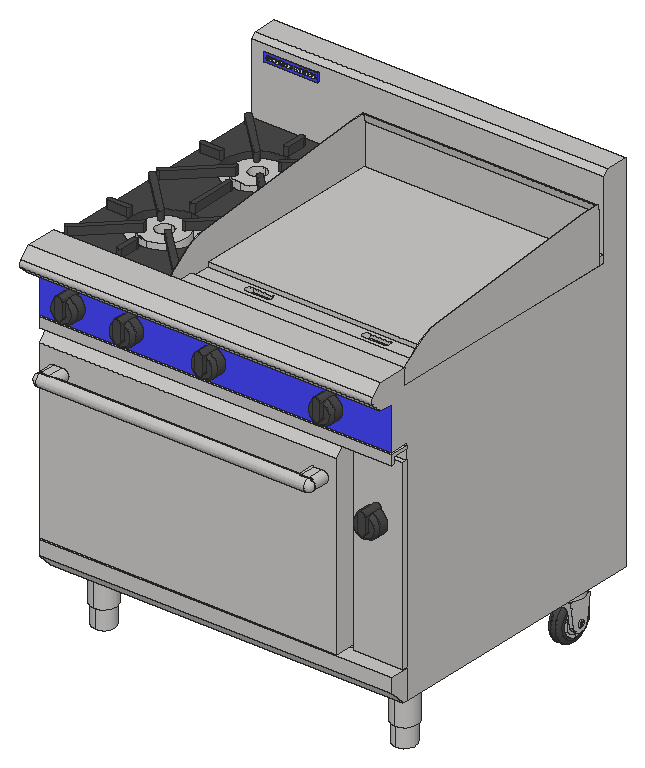
Revit family "QF_MOFFAT_BLUESEAL_CE_G56B", category Specialty Equipment, Revit 2012
Parameters
  Width = 900 mm  # constant formula
  Weight in Pounds = 467
  Watts = 130 W
  Volts = 230 V
  URL Cutsheet = "www.moffat.com"
  URL = "www.moffat.com"
  Type Mark [instance] = ""
  Status [instance] = ""
  Specification by User [instance] = ""
  Specification by Manufacturer = ""
  Show Logo [instance] = yes
  Show Clearance [instance] = yes
  Show Casters [instance] = yes
  Serial Number = ""
  Seismic Rating = ""
  SMACNA No = ""
  Revision Code [instance] = ""
  Phase = 1
  Omniclass Number and Title = ""
  Number of Poles [instance] = 1
  NAFEM Spec ID Number = ""
  Model = "G56B"
  Min Ckt Ampacity = 0 A
  Mechanical Remarks = ""
  Mechanical Connection Type [instance] = ""
  Max Overcurrent Protection = 0 A
  Masterspec = ""
  Manufacturer = "MOFFAT BLUESEAL"
  Legs [instance] = not(Show Casters)  # no
  Item Number [instance] = ""
  Installed By [instance] = ""
  Identify Quantity as Lot [instance] = yes
  Height = 970 mm  # constant formula
  HP = ""
  Gas Size = 3/4"
  Gas RI Height [instance] = 0 mm
  Gas KW [instance] = 35
  Gas Input [instance] = 119000.0 Btu/h
  Gas Connection Height = 0 mm
  Furnished By [instance] = ""
  Foodservice Equipment Identifier [instance] = yes
  FL Amps = 0.6 A
  Electrical Remarks = ""
  Electric Connection Type = ""
  Elec Conn RI Height = 0 mm
  Elec Conn Connection Height = 0 mm
  Description = "900MM GAS RANGE WITH CONVECTION OVEN"
  Depth = 812 mm  # constant formula
  Cycle = 60 Hz
  Conn Plug = ""
  Conn Conduit = yes
  CSI MasterFormat = ""
  CSI Master Format = ""
  Body Finish = QF_Finishes_Stainless Steel
  Apparent Power = 0 VA
Reference planes
  plane 1 "BACK": y = 0
  plane 2: z = 0
  plane 3 "LEFT": x = 0
  plane 4 "RIGHT": x = 900
  plane 5 "FRONT": y = -812
  plane 6 "TOP": z = 970
  plane 7 "Center Y": x = 450
  plane 8 "Center X": y = -406
  plane 9: x = 280
  plane 10: y = -574.272
  plane 11: x = 60
  plane 12: y = -304.972
  plane 13: y = -364.972
  plane 14: x = 74
  plane 15: y = -812
  plane 16: x = 834.5
  plane 17: y = -32
  plane 18: z = 655
  plane 19: y = -100
  plane 20: z = 1085
  plane 21: y = -705
  plane 22: x = 65.8
Forms (mm)
  Extrusion 1, solid, material "QF_Finishes_Stainless Steel" <- "Body Finish"
    sketch origin (0, 0, 0) x (0, 1, 0) y (0, 0, 1)
      loop
        line (0, 150) -> (0, 1085) -> (-57.5, 1085) -> (-70, 1072.5) -> (-70, 875) -> (-705, 875) -> (-705, 915) -> (-783.97, 915) -> (-808.476, 890.494)
        arc (-808.476, 890.494) -> (-811.994, 882) -> (-808.476, 873.506) r 12.013
        line (-808.476, 873.506) -> (-784.97, 850) -> (-749, 850) -> (-749, 740) -> (-699, 740) -> (-699, 150) -> (0, 150)
    from 0 to 900
  Extrusion 2, solid, material "QF_Finishes_Stainless Steel"
    sketch origin (0, 7, 0) x (0, 1, 0) y (0, 0, 1)
      loop
        line (-706, 700) -> (-732, 700) -> (-756, 676) -> (-756, 227.5) -> (-706, 227.5) -> (-706, 700)
    from 0 to 760
  Extrusion 3, solid, material "QF_Finishes_Stainless Steel"
    sketch origin (723.5, 7, 0) x (0, 1, 0) y (0, 0, 1)
      loop
        line (-706, 700) -> (-721, 700) -> (-721, 227.5) -> (-706, 227.5) -> (-706, 700)
    from 51.5 to 176.5
  Revolve 4, solid, material "QF_Finishes_Stainless Steel" <- "Body Finish"
    sketch origin (834.5, -696.126, 0) x (0, 1, 0) y (0, 0, -1)
      loop
        line (39.376, -150) -> (71.126, -150) -> (71.126, 0) -> (43.626, 0) -> (43.626, -50) -> (39.376, -50) -> (39.376, -150)
      axis (71.126, -150) -> (71.126, 0)
    angle from 0 to 360
  Revolve 5, solid, material "QF_Finishes_Stainless Steel" <- "Body Finish"
    sketch origin (65.5, -696.126, 0) x (0, 1, 0) y (0, 0, 1)
      loop
        line (39.376, 150) -> (39.376, 50) -> (43.626, 50) -> (43.626, 0) -> (71.126, 0) -> (71.126, 150) -> (39.376, 150)
      axis (71.126, 150) -> (71.126, 0)
    angle from 0 to 360
  Extrusion 6, solid, material "QF_Finishes_Stainless Steel"
    sketch origin (-64.5, 0, 325) x (1, 0, 0) y (0, 1, 0)
      loop
        circle (834.5, -32) r 10
    from 330 to 371
  Revolve 7, solid, material "QF_Finishes_Black"
    sketch origin (90.649, 45.874, -0.118) x (0, 1, 0) y (0, 0, -1)
      loop
        line (-827.874, -829.5) -> (-804.874, -829.5) -> (-804.874, -802) -> (-794.874, -802) -> (-794.874, -797) -> (-838.874, -797) -> (-838.874, -823.651) -> (-827.874, -829.5)
      axis (-838.874, -797) -> (-794.874, -797)
    angle from 0 to 360
  Revolve 8, solid, material "QF_Finishes_Black"
    sketch origin (240.649, 45.874, -0.118) x (0, 1, 0) y (0, 0, -1)
      loop
        line (-827.874, -829.5) -> (-804.874, -829.5) -> (-804.874, -802) -> (-794.874, -802) -> (-794.874, -797) -> (-838.874, -797) -> (-838.874, -823.651) -> (-827.874, -829.5)
      axis (-838.874, -797) -> (-794.874, -797)
    angle from 0 to 360
  Revolve 9, solid, material "QF_Finishes_Black"
    sketch origin (450, 45.874, -0.118) x (0, 1, 0) y (0, 0, -1)
      loop
        line (-827.874, -829.5) -> (-804.874, -829.5) -> (-804.874, -802) -> (-794.874, -802) -> (-794.874, -797) -> (-838.874, -797) -> (-838.874, -823.651) -> (-827.874, -829.5)
      axis (-838.874, -797) -> (-794.874, -797)
    angle from 0 to 360
  Extrusion 10, solid, material "QF_Finishes_Black"
    sketch origin (238.456, 7, -0.118) x (-1, 0, 0) y (0, 0, -1)
      loop
        arc (158.3, -789) -> (148.3, -779) -> (138.3, -789) r 10
        line (138.3, -789) -> (138.3, -824)
        arc (138.3, -824) -> (148.3, -834) -> (158.3, -824) r 10
        line (158.3, -824) -> (158.3, -789)
    from 759 to 808
  Extrusion 11, solid, material "QF_Finishes_Black"
    sketch origin (388.456, 7, -0.118) x (-1, 0, 0) y (0, 0, -1)
      loop
        arc (158.3, -789) -> (148.3, -779) -> (138.3, -789) r 10
        line (138.3, -789) -> (138.3, -824)
        arc (138.3, -824) -> (148.3, -834) -> (158.3, -824) r 10
        line (158.3, -824) -> (158.3, -789)
    from 759 to 808
  Extrusion 12, solid, material "QF_Finishes_Black"
    sketch origin (597.807, 7, -0.118) x (-1, 0, 0) y (0, 0, -1)
      loop
        arc (158.3, -789) -> (148.3, -779) -> (138.3, -789) r 10
        line (138.3, -789) -> (138.3, -824)
        arc (138.3, -824) -> (148.3, -834) -> (158.3, -824) r 10
        line (158.3, -824) -> (158.3, -789)
    from 759 to 808
  Revolve 13, solid, material "QF_Finishes_Black"
    sketch origin (836.851, 80.874, -245.743) x (0, 1, 0) y (0, 0, 1)
      loop
        line (-827.874, 829.5) -> (-838.874, 823.651) -> (-838.874, 797) -> (-794.874, 797) -> (-794.874, 802) -> (-804.874, 802) -> (-804.874, 829.5) -> (-827.874, 829.5)
      axis (-838.874, 797) -> (-794.874, 797)
    angle from 0 to 360
  Extrusion 14, solid, material "QF_Finishes_Black"
    sketch origin (689.044, 42, -245.743) x (1, 0, 0) y (0, 0, 1)
      loop
        line (158.3, 789) -> (158.3, 824)
        arc (158.3, 824) -> (148.3, 834) -> (138.3, 824) r 10
        line (138.3, 824) -> (138.3, 789)
        arc (138.3, 789) -> (148.3, 779) -> (158.3, 789) r 10
    from 759 to 808
  Extrusion 15, solid, material "QF_Door-Drawer Clearances", visible <- "Show Clearance", detail levels coarse
    sketch origin (0, 7, 0) x (0, -1, 0) y (0, 0, 1)
      loop
        line (756, 697.347) -> (756, 227.5) -> (1225.847, 227.5)
        arc (1225.847, 227.5) -> (1088.232, 559.732) -> (756, 697.347) r 469.847
    from 0 to -760
  Extrusion 16, void
    sketch origin (0, 0, 220) x (1, 0, 0) y (0, 1, 0)
      loop
        line (824, -87) -> (824, 0) -> (694, 0) -> (694, -39) -> (744, -87) -> (824, -87)
    from 0 to 476
  Extrusion 17, solid, material "QF_Finishes_Stainless Steel"
    sketch origin (0, -749, 227.5) x (0, 0, 1) y (-1, 0, 0)
      loop
        line (380.625, -38.246) -> (380.625, -58.528)
        arc (380.625, -58.528) -> (395.625, -73.528) -> (410.625, -58.528) r 15
        line (410.625, -58.528) -> (410.625, -38.246)
        arc (410.625, -38.246) -> (395.625, -23.246) -> (380.625, -38.246) r 15
      loop
        arc (380.625, -723.039) -> (395.625, -738.039) -> (410.625, -723.039) r 15
        line (410.625, -723.039) -> (410.625, -702.757)
        arc (410.625, -702.757) -> (395.625, -687.757) -> (380.625, -702.757) r 15
        line (380.625, -702.757) -> (380.625, -723.039)
    from 0 to 44
  Revolve 18, solid, material "QF_Finishes_Stainless Steel"
    sketch origin (0, -793, 0) x (1, 0, 0) y (0, 0, 1)
      loop
        arc (738.039, 623.125) -> (733.646, 633.732) -> (723.039, 638.125) r 15
        line (723.039, 638.125) -> (38.246, 638.125)
        arc (38.246, 638.125) -> (27.64, 633.732) -> (23.246, 623.125) r 15
        line (23.246, 623.125) -> (738.039, 623.125)
      axis (738.039, 623.125) -> (23.246, 623.125)
    angle from 0 to 360
  Extrusion 19, solid, material "QF_Finishes_Stainless Steel" <- "Body Finish"
    sketch origin (0, 7, 0) x (0, 1, 0) y (0, 0, 1)
      loop
        line (-756, 710) -> (-747.224, 710) -> (-749.613, 726.999) -> (-707.93, 726.999) -> (-707.93, 734.003) -> (-756, 734.003) -> (-756, 710)
    from 0 to 900
  Extrusion 20, solid, material "QF_Finishes_Stainless Steel" <- "Body Finish"
    sketch origin (0, 4.73, 0) x (0, 1, 0) y (0, 0, 1)
      loop
        line (-753.73, 222.5) -> (-753.73, 186) -> (-717.73, 150) -> (-703.73, 150) -> (-703.73, 222.5) -> (-753.73, 222.5)
    from 0 to 900
  Extrusion 21, solid, material "QF_Finishes_Stainless Steel", visible <- "Show Casters"
    sketch origin (71.501, 133.353, -8.783) x (0, 1, 0) y (0, 0, 1)
      loop
        line (-201.603, 118.783) -> (-265.103, 118.783) -> (-252.746, 53.895)
        arc (-252.746, 53.895) -> (-233.353, 38.783) -> (-213.959, 53.895) r 20
        line (-213.959, 53.895) -> (-201.603, 118.783)
    from -35.667 to 22.923
  Revolve 22, solid, material "QF_Finishes_Stainless Steel", visible <- "Show Casters"
    sketch origin (65, -203, 0) x (0, 1, 0) y (0, 0, 1)
      loop
        line (67.25, 150) -> (67.25, 110) -> (103, 110) -> (103, 150) -> (67.25, 150)
      axis (103, 150) -> (103, 110)
    angle from 0 to 360
  Revolve 23, solid, material "QF_Finishes_Stainless Steel", visible <- "Show Casters"
    sketch origin (834.5, -203, 0) x (0, 1, 0) y (0, 0, -1)
      loop
        line (67.25, -150) -> (103, -150) -> (103, -110) -> (67.25, -110) -> (67.25, -150)
      axis (103, -150) -> (103, -110)
    angle from 0 to 360
  Revolve 24, solid, material "QF_Finishes_Stainless Steel", visible <- "Show Casters"
    sketch origin (785.276, -99.755, -13.653) x (1, 0, 0) y (0, 0, 1)
      loop
        line (14.841, 64.453) -> (83.584, 64.453) -> (83.584, 67.958) -> (82.314, 69.228) -> (80.79, 69.228) -> (80.79, 72.674) -> (68.644, 72.674) -> (68.644, 82.639) -> (65.088, 84.692) -> (63.738, 93.028) -> (65.881, 93.028) -> (65.881, 99.378) -> (65.088, 99.378) -> (65.088, 105.728)
        arc (65.088, 105.728) -> (62.298, 112.463) -> (55.563, 115.253) r 9.525
        line (55.563, 115.253) -> (42.863, 115.253)
        arc (42.863, 115.253) -> (36.127, 112.463) -> (33.338, 105.728) r 9.525
        line (33.338, 105.728) -> (33.338, 99.378) -> (32.544, 99.378) -> (32.544, 93.028) -> (34.687, 93.028) -> (33.352, 84.781) -> (29.782, 82.719) -> (29.782, 72.674) -> (17.635, 72.674) -> (17.635, 69.228) -> (16.111, 69.228) -> (14.841, 67.958) -> (14.841, 64.453)
      axis (14.841, 64.453) -> (83.584, 64.453)
    angle from 0 to 360
  Extrusion 25, solid, material "QF_Finishes_Stainless Steel", visible <- "Show Casters"
    sketch origin (841.001, 133.353, -8.783) x (0, 1, 0) y (0, 0, 1)
      loop
        line (-201.603, 118.783) -> (-265.103, 118.783) -> (-252.746, 53.895)
        arc (-252.746, 53.895) -> (-233.353, 38.783) -> (-213.959, 53.895) r 20
        line (-213.959, 53.895) -> (-201.603, 118.783)
    from -35.667 to 22.923
  Revolve 26, solid, material "QF_Finishes_Stainless Steel", visible <- "Legs"
    sketch origin (65, -165, 0) x (0, 1, 0) y (0, 0, 1)
      loop
        line (33.25, 150) -> (33.25, 50) -> (37.5, 50) -> (37.5, 0) -> (65, 0) -> (65, 150) -> (33.25, 150)
      axis (65, 150) -> (65, 0)
    angle from 0 to 360
  Revolve 27, solid, material "QF_Finishes_Stainless Steel", visible <- "Legs"
    sketch origin (834.5, -165, 0) x (0, 1, 0) y (0, 0, -1)
      loop
        line (33.25, -150) -> (65, -150) -> (65, 0) -> (37.5, 0) -> (37.5, -50) -> (33.25, -50) -> (33.25, -150)
      axis (65, -150) -> (65, 0)
    angle from 0 to 360
  Revolve 28, solid, material "QF_Finishes_Stainless Steel", visible <- "Show Casters"
    sketch origin (114.224, -99.755, -13.653) x (-1, 0, 0) y (0, 0, -1)
      loop
        line (14.841, -64.453) -> (14.841, -67.958) -> (16.111, -69.228) -> (17.635, -69.228) -> (17.635, -72.674) -> (29.782, -72.674) -> (29.782, -82.719) -> (33.352, -84.781) -> (34.687, -93.028) -> (32.544, -93.028) -> (32.544, -99.378) -> (33.338, -99.378) -> (33.338, -105.728)
        arc (33.338, -105.728) -> (36.127, -112.463) -> (42.863, -115.253) r 9.525
        line (42.863, -115.253) -> (55.563, -115.253)
        arc (55.563, -115.253) -> (62.298, -112.463) -> (65.088, -105.728) r 9.525
        line (65.088, -105.728) -> (65.088, -99.378) -> (65.881, -99.378) -> (65.881, -93.028) -> (63.738, -93.028) -> (65.088, -84.692) -> (68.644, -82.639) -> (68.644, -72.674) -> (80.79, -72.674) -> (80.79, -69.228) -> (82.314, -69.228) -> (83.584, -67.958) -> (83.584, -64.453) -> (14.841, -64.453)
      axis (14.841, -64.453) -> (83.584, -64.453)
    angle from 0 to 360
  Extrusion 29, solid, material "QF_Finishes_Black"
    sketch origin (0, -70, 875) x (0, -1, 0) y (1, 0, 0)
      loop
        arc (1, 4) -> (1.879, 1.879) -> (4, 1) r 3
        line (4, 1) -> (632, 1)
        arc (632, 1) -> (634.121, 1.879) -> (635, 4) r 3
        line (635, 4) -> (635, 297)
        arc (635, 297) -> (634.121, 299.121) -> (632, 300) r 3
        line (632, 300) -> (4, 300)
        arc (4, 300) -> (1.879, 299.121) -> (1, 297) r 3
        line (1, 297) -> (1, 4)
      loop
        circle (167.5, 150) r 85
      loop
        circle (467.768, 150) r 85
    from 0 to 19.5
  Extrusion 30, solid, material "QF_Finishes_Black"
    sketch origin (0, -73.5, 894.5) x (0, -1, 0) y (1, 0, 0)
      loop
        spline (323.602, 15.153) -> (322.681, 13.924) -> (322.131, 12.47) -> (321.99, 10.89) -> (322.267, 9.292) -> (322.943, 7.786) -> (323.973, 6.473) -> (325.286, 5.443) -> (326.792, 4.767) -> (328.39, 4.49) -> (329.97, 4.631) -> (331.424, 5.181) -> (332.653, 6.102)
        line (332.653, 6.102) -> (440.576, 114.025)
        spline (440.576, 114.025) -> (441.337, 115.095) -> (441.738, 116.399) -> (441.751, 117.851) -> (441.375, 119.35) -> (440.637, 120.795) -> (439.586, 122.086) -> (438.295, 123.137) -> (436.85, 123.875) -> (435.351, 124.251) -> (433.899, 124.238) -> (432.595, 123.837) -> (431.525, 123.076)
        line (431.525, 123.076) -> (323.602, 15.153)
      loop
        spline (371.852, 143.6) -> (373.146, 143.818) -> (374.352, 144.457) -> (375.388, 145.475) -> (376.182, 146.8) -> (376.682, 148.344) -> (376.852, 150) -> (376.682, 151.656) -> (376.182, 153.2) -> (375.388, 154.525) -> (374.352, 155.543) -> (373.146, 156.182) -> (371.852, 156.4)
        line (371.852, 156.4) -> (259.398, 156.4)
        spline (259.398, 156.4) -> (258.104, 156.182) -> (256.898, 155.543) -> (255.862, 154.525) -> (255.068, 153.2) -> (254.568, 151.656) -> (254.398, 150) -> (254.568, 148.344) -> (255.068, 146.8) -> (255.862, 145.475) -> (256.898, 144.457) -> (258.104, 143.818) -> (259.398, 143.6)
        line (259.398, 143.6) -> (371.852, 143.6)
      loop
        line (311.398, 15.153) -> (203.475, 123.076)
        spline (203.475, 123.076) -> (202.405, 123.837) -> (201.101, 124.238) -> (199.649, 124.251) -> (198.15, 123.875) -> (196.705, 123.137) -> (195.414, 122.086) -> (194.363, 120.795) -> (193.625, 119.35) -> (193.249, 117.851) -> (193.262, 116.399) -> (193.663, 115.095) -> (194.424, 114.025)
        line (194.424, 114.025) -> (302.347, 6.102)
        spline (302.347, 6.102) -> (303.416, 5.341) -> (304.721, 4.941) -> (306.172, 4.928) -> (307.671, 5.303) -> (309.116, 6.041) -> (310.408, 7.092) -> (311.459, 8.384) -> (312.197, 9.829) -> (312.572, 11.328) -> (312.559, 12.779) -> (312.159, 14.084) -> (311.398, 15.153)
      loop
        line (323.602, 284.847) -> (431.525, 176.924)
        spline (431.525, 176.924) -> (432.595, 176.163) -> (433.899, 175.762) -> (435.351, 175.749) -> (436.85, 176.125) -> (438.295, 176.863) -> (439.586, 177.914) -> (440.637, 179.205) -> (441.375, 180.65) -> (441.751, 182.149) -> (441.738, 183.601) -> (441.337, 184.905) -> (440.576, 185.975)
        line (440.576, 185.975) -> (332.653, 293.898)
        spline (332.653, 293.898) -> (331.424, 294.819) -> (329.97, 295.369) -> (328.39, 295.51) -> (326.792, 295.233) -> (325.286, 294.557) -> (323.973, 293.527) -> (322.943, 292.214) -> (322.267, 290.708) -> (321.99, 289.11) -> (322.131, 287.53) -> (322.681, 286.076) -> (323.602, 284.847)
      loop
        spline (311.398, 284.847) -> (312.159, 285.916) -> (312.559, 287.221) -> (312.572, 288.672) -> (312.197, 290.171) -> (311.459, 291.616) -> (310.408, 292.908) -> (309.116, 293.959) -> (307.671, 294.697) -> (306.172, 295.072) -> (304.721, 295.059) -> (303.416, 294.659) -> (302.347, 293.898)
        line (302.347, 293.898) -> (194.424, 185.975)
        spline (194.424, 185.975) -> (193.663, 184.905) -> (193.262, 183.601) -> (193.249, 182.149) -> (193.625, 180.65) -> (194.363, 179.205) -> (195.414, 177.914) -> (196.705, 176.863) -> (198.15, 176.125) -> (199.649, 175.749) -> (201.101, 175.762) -> (202.405, 176.163) -> (203.475, 176.924)
        line (203.475, 176.924) -> (311.398, 284.847)
      loop
        spline (73.549, 143.6) -> (74.844, 143.818) -> (76.049, 144.457) -> (77.085, 145.475) -> (77.88, 146.8) -> (78.379, 148.344) -> (78.549, 150) -> (78.379, 151.656) -> (77.88, 153.2) -> (77.085, 154.525) -> (76.049, 155.543) -> (74.844, 156.182) -> (73.549, 156.4)
        line (73.549, 156.4) -> (25.093, 156.4)
        spline (25.093, 156.4) -> (23.799, 156.182) -> (22.593, 155.543) -> (21.558, 154.525) -> (20.763, 153.2) -> (20.264, 151.656) -> (20.093, 150) -> (20.264, 148.344) -> (20.763, 146.8) -> (21.558, 145.475) -> (22.593, 144.457) -> (23.799, 143.818) -> (25.093, 143.6)
        line (25.093, 143.6) -> (73.549, 143.6)
      loop
        spline (608.1, 143.6) -> (609.394, 143.818) -> (610.6, 144.457) -> (611.636, 145.475) -> (612.43, 146.8) -> (612.93, 148.344) -> (613.1, 150) -> (612.93, 151.656) -> (612.43, 153.2) -> (611.636, 154.525) -> (610.6, 155.543) -> (609.394, 156.182) -> (608.1, 156.4)
        line (608.1, 156.4) -> (558.644, 156.4)
        spline (558.644, 156.4) -> (557.35, 156.182) -> (556.144, 155.543) -> (555.108, 154.525) -> (554.314, 153.2) -> (553.814, 151.656) -> (553.644, 150) -> (553.814, 148.344) -> (554.314, 146.8) -> (555.108, 145.475) -> (556.144, 144.457) -> (557.35, 143.818) -> (558.644, 143.6)
        line (558.644, 143.6) -> (608.1, 143.6)
      loop
        spline (457.6, 10.156) -> (457.818, 8.862) -> (458.457, 7.656) -> (459.475, 6.62) -> (460.8, 5.826) -> (462.344, 5.326) -> (464, 5.156) -> (465.656, 5.326) -> (467.2, 5.826) -> (468.525, 6.62) -> (469.543, 7.656) -> (470.182, 8.862) -> (470.4, 10.156)
        line (470.4, 10.156) -> (470.4, 58.612)
        spline (470.4, 58.612) -> (470.182, 59.906) -> (469.543, 61.112) -> (468.525, 62.148) -> (467.2, 62.942) -> (465.656, 63.442) -> (464, 63.612) -> (462.344, 63.442) -> (460.8, 62.942) -> (459.475, 62.148) -> (458.457, 61.112) -> (457.818, 59.906) -> (457.6, 58.612)
        line (457.6, 58.612) -> (457.6, 10.156)
      loop
        spline (160.966, 10.156) -> (161.184, 8.862) -> (161.823, 7.656) -> (162.841, 6.62) -> (164.166, 5.826) -> (165.71, 5.326) -> (167.366, 5.156) -> (169.022, 5.326) -> (170.566, 5.826) -> (171.892, 6.62) -> (172.909, 7.656) -> (173.548, 8.862) -> (173.766, 10.156)
        line (173.766, 10.156) -> (173.766, 58.612)
        spline (173.766, 58.612) -> (173.548, 59.906) -> (172.909, 61.112) -> (171.892, 62.148) -> (170.566, 62.942) -> (169.022, 63.442) -> (167.366, 63.612) -> (165.71, 63.442) -> (164.166, 62.942) -> (162.841, 62.148) -> (161.823, 61.112) -> (161.184, 59.906) -> (160.966, 58.612)
        line (160.966, 58.612) -> (160.966, 10.156)
      loop
        spline (457.6, 241.636) -> (457.818, 240.342) -> (458.457, 239.136) -> (459.475, 238.1) -> (460.8, 237.306) -> (462.344, 236.806) -> (464, 236.636) -> (465.656, 236.806) -> (467.2, 237.306) -> (468.525, 238.1) -> (469.543, 239.136) -> (470.182, 240.342) -> (470.4, 241.636)
        line (470.4, 241.636) -> (470.4, 290.092)
        spline (470.4, 290.092) -> (470.182, 291.386) -> (469.543, 292.592) -> (468.525, 293.628) -> (467.2, 294.422) -> (465.656, 294.922) -> (464, 295.092) -> (462.344, 294.922) -> (460.8, 294.422) -> (459.475, 293.628) -> (458.457, 292.592) -> (457.818, 291.386) -> (457.6, 290.092)
        line (457.6, 290.092) -> (457.6, 241.636)
      loop
        spline (160.966, 241.636) -> (161.184, 240.342) -> (161.823, 239.136) -> (162.841, 238.1) -> (164.166, 237.306) -> (165.71, 236.806) -> (167.366, 236.636) -> (169.022, 236.806) -> (170.566, 237.306) -> (171.892, 238.1) -> (172.909, 239.136) -> (173.548, 240.342) -> (173.766, 241.636)
        line (173.766, 241.636) -> (173.766, 290.092)
        spline (173.766, 290.092) -> (173.548, 291.386) -> (172.909, 292.592) -> (171.892, 293.628) -> (170.566, 294.422) -> (169.022, 294.922) -> (167.366, 295.092) -> (165.71, 294.922) -> (164.166, 294.422) -> (162.841, 293.628) -> (161.823, 292.592) -> (161.184, 291.386) -> (160.966, 290.092)
        line (160.966, 290.092) -> (160.966, 241.636)
      loop
        line (604.398, 15.153) -> (496.475, 123.076)
        spline (496.475, 123.076) -> (495.405, 123.837) -> (494.101, 124.238) -> (492.649, 124.251) -> (491.15, 123.875) -> (489.705, 123.137) -> (488.414, 122.086) -> (487.363, 120.795) -> (486.625, 119.35) -> (486.249, 117.851) -> (486.262, 116.399) -> (486.663, 115.095) -> (487.424, 114.025)
        line (487.424, 114.025) -> (595.347, 6.102)
        spline (595.347, 6.102) -> (596.576, 5.181) -> (598.03, 4.631) -> (599.61, 4.49) -> (601.208, 4.767) -> (602.714, 5.443) -> (604.027, 6.473) -> (605.057, 7.786) -> (605.733, 9.292) -> (606.01, 10.89) -> (605.869, 12.47) -> (605.319, 13.924) -> (604.398, 15.153)
      loop
        spline (604.398, 284.847) -> (605.319, 286.076) -> (605.869, 287.53) -> (606.01, 289.11) -> (605.733, 290.708) -> (605.057, 292.214) -> (604.027, 293.527) -> (602.714, 294.557) -> (601.208, 295.233) -> (599.61, 295.51) -> (598.03, 295.369) -> (596.576, 294.819) -> (595.347, 293.898)
        line (595.347, 293.898) -> (487.424, 185.975)
        spline (487.424, 185.975) -> (486.663, 184.905) -> (486.262, 183.601) -> (486.249, 182.149) -> (486.625, 180.65) -> (487.363, 179.205) -> (488.414, 177.914) -> (489.705, 176.863) -> (491.15, 176.125) -> (492.649, 175.749) -> (494.101, 175.762) -> (495.405, 176.163) -> (496.475, 176.924)
        line (496.475, 176.924) -> (604.398, 284.847)
      loop
        spline (16.602, 15.153) -> (15.841, 14.084) -> (15.441, 12.779) -> (15.428, 11.328) -> (15.803, 9.829) -> (16.541, 8.384) -> (17.592, 7.092) -> (18.884, 6.041) -> (20.329, 5.303) -> (21.828, 4.928) -> (23.279, 4.941) -> (24.584, 5.341) -> (25.653, 6.102)
        line (25.653, 6.102) -> (133.576, 114.025)
        spline (133.576, 114.025) -> (134.337, 115.095) -> (134.738, 116.399) -> (134.751, 117.851) -> (134.375, 119.35) -> (133.637, 120.795) -> (132.586, 122.086) -> (131.295, 123.137) -> (129.85, 123.875) -> (128.351, 124.251) -> (126.899, 124.238) -> (125.595, 123.837) -> (124.525, 123.076)
        line (124.525, 123.076) -> (16.602, 15.153)
      loop
        line (16.602, 284.847) -> (124.525, 176.924)
        spline (124.525, 176.924) -> (125.595, 176.163) -> (126.899, 175.762) -> (128.351, 175.749) -> (129.85, 176.125) -> (131.295, 176.863) -> (132.586, 177.914) -> (133.637, 179.205) -> (134.375, 180.65) -> (134.751, 182.149) -> (134.738, 183.601) -> (134.337, 184.905) -> (133.576, 185.975)
        line (133.576, 185.975) -> (25.653, 293.898)
        spline (25.653, 293.898) -> (24.584, 294.659) -> (23.279, 295.059) -> (21.828, 295.072) -> (20.329, 294.697) -> (18.884, 293.959) -> (17.592, 292.908) -> (16.541, 291.616) -> (15.803, 290.171) -> (15.428, 288.672) -> (15.441, 287.221) -> (15.841, 285.916) -> (16.602, 284.847)
    from 0 to 20.5
  Extrusion 31, solid, material "QF_Finishes_Stainless Steel"
    sketch origin (0, -70, 875) x (0, -1, 0) y (1, 0, 0)
      loop
        circle (467.5, 150) r 57
      loop
        circle (167.5, 150) r 57
      loop
        circle (467.5, 150) r 22
      loop
        circle (167.5, 150) r 22
    from 0 to 19.5
  Extrusion 32, solid, material "QF_Finishes_Stainless Steel"
    sketch origin (0, 0, 0) x (1, 0, 0) y (0, 1, 0)
      loop
        circle (826, -501) r 6.35
    from 150 to 147.817
  Revolve 33, solid, material "QF_Finishes_Black"
    sketch origin (749.774, 45.874, -0.118) x (0, 1, 0) y (0, 0, -1)
      loop
        line (-827.874, -829.5) -> (-804.874, -829.5) -> (-804.874, -802) -> (-794.874, -802) -> (-794.874, -797) -> (-838.874, -797) -> (-838.874, -823.651) -> (-827.874, -829.5)
      axis (-838.874, -797) -> (-794.874, -797)
    angle from 0 to 360
  Extrusion 34, solid, material "QF_Finishes_Black"
    sketch origin (897.581, 7, -0.118) x (-1, 0, 0) y (0, 0, -1)
      loop
        arc (158.3, -789) -> (148.3, -779) -> (138.3, -789) r 10
        line (138.3, -789) -> (138.3, -824)
        arc (138.3, -824) -> (148.3, -834) -> (158.3, -824) r 10
        line (158.3, -824) -> (158.3, -789)
    from 759 to 808
Cuts and joins
  Extrusion 16 cuts Extrusion 1
Lines and regions (mm)
  Split face 1
    outline origin (900, 0, 1085) x (-1, 0, 0) y (0, -1, 0)
      loop
        arc (867.206, 18.385) -> (875.866, 23.385) -> (875.866, 33.385) r 10
        line (875.866, 33.385) -> (871.824, 40.385)
        arc (871.824, 40.385) -> (868.164, 44.045) -> (863.164, 45.385) r 10
        line (863.164, 45.385) -> (635.206, 45.385)
        arc (635.206, 45.385) -> (626.545, 40.385) -> (626.545, 30.385) r 10
        line (626.545, 30.385) -> (630.587, 23.385)
        arc (630.587, 23.385) -> (634.247, 19.725) -> (639.247, 18.385) r 10
        line (639.247, 18.385) -> (867.206, 18.385)
  Split face 2
    outline origin (900, 0, 1085) x (-1, 0, 0) y (0, -1, 0)
      loop
        arc (567.206, 18.385) -> (575.866, 23.385) -> (575.866, 33.385) r 10
        line (575.866, 33.385) -> (571.824, 40.385)
        arc (571.824, 40.385) -> (568.164, 44.045) -> (563.164, 45.385) r 10
        line (563.164, 45.385) -> (335.206, 45.385)
        arc (335.206, 45.385) -> (326.545, 40.385) -> (326.545, 30.385) r 10
        line (326.545, 30.385) -> (330.587, 23.385)
        arc (330.587, 23.385) -> (334.247, 19.725) -> (339.247, 18.385) r 10
        line (339.247, 18.385) -> (567.206, 18.385)
  Split face 3
    outline origin (900, 0, 1085) x (-1, 0, 0) y (0, -1, 0)
      loop
        arc (35.206, 45.385) -> (26.545, 40.385) -> (26.545, 30.385) r 10
        line (26.545, 30.385) -> (30.587, 23.385)
        arc (30.587, 23.385) -> (34.247, 19.725) -> (39.247, 18.385) r 10
        line (39.247, 18.385) -> (267.206, 18.385)
        arc (267.206, 18.385) -> (275.866, 23.385) -> (275.866, 33.385) r 10
        line (275.866, 33.385) -> (271.824, 40.385)
        arc (271.824, 40.385) -> (268.164, 44.045) -> (263.164, 45.385) r 10
        line (263.164, 45.385) -> (35.206, 45.385)
  symbolic lines
    curve 1: line (0, 0, 0) -> (0, -812, 0)
    curve 2: line (900, 0, 0) -> (0, 0, 0)
    curve 3: line (900, -812, 0) -> (900, 0, 0)
    curve 4: line (0, -70, 0) -> (900, -70, 0)
    curve 5: line (900, -812, 0) -> (0, -812, 0)
    curve 6: line (900, -705, 0) -> (0, -705, 0)
    curve 7: line (0, -701.7, 0) -> (900, -701.7, 0)
    curve 8: line (900, -72.734, 0) -> (0, -72.734, 0)
    curve 9: arc (22.65, -812, 0) -> (34.104, -822.278, 0) -> (48.889, -826.544, 0) r 34.455
    curve 10: line (48.889, -826.544, 0) -> (721.858, -826.544, 0)
    curve 11: arc (721.858, -826.544, 0) -> (736.403, -822.647, 0) -> (747.05, -812, 0) r 29.089
    curve 15: line (300, -72.734, 0) -> (300, -701.7, 0)
    curve 16: line (0, -391, 0) -> (300, -391, 0)
    curve 17: line (149.988, -331.778, 0) -> (149.988, -448.358, 0)
    curve 18: line (150.034, -681.268, 0) -> (150.034, -628.558, 0)
    curve 19: line (9.26, -537.634, 0) -> (59.26, -537.634, 0)
    curve 20: line (178.593, -512.407, 0) -> (291.73, -399.27, 0)
    curve 21: line (291.767, -537.634, 0) -> (240.041, -537.634, 0)
    curve 22: arc (150, -480.5, 150) -> (207, -537.5, 150) -> (150, -594.5, 150) r 57
    curve 23: arc (150, -594.5, 150) -> (93, -537.5, 150) -> (150, -480.5, 150) r 57
    curve 24: arc (150, -622.768, 150) -> (235, -537.768, 150) -> (150, -452.768, 150) r 85
    curve 25: arc (150, -452.768, 150) -> (65, -537.768, 150) -> (150, -622.768, 150) r 85
    curve 26: arc (150, -515.5, 150) -> (128, -537.5, 150) -> (150, -559.5, 150) r 22
    curve 27: arc (150, -559.5, 150) -> (172, -537.5, 150) -> (150, -515.5, 150) r 22
    curve 28: line (121.407, -512.407, 0) -> (8.27, -399.27, 0)
    curve 29: line (178.593, -562.593, 0) -> (291.73, -675.73, 0)
    curve 30: line (121.407, -562.593, 0) -> (8.27, -675.73, 0)
    curve 31: line (150.034, -96.281, 0) -> (150.034, -149.16, 0)
    curve 32: line (178.593, -269.593, 0) -> (291.73, -382.73, 0)
    curve 33: line (121.407, -269.593, 0) -> (8.27, -382.73, 0)
    curve 34: line (9.26, -241, 0) -> (59.26, -241, 0)
    curve 35: line (291.767, -241, 0) -> (240.041, -241, 0)
    curve 36: arc (150, -322.5, 150) -> (235, -237.5, 150) -> (150, -152.5, 150) r 85
    curve 37: arc (150, -152.5, 150) -> (65, -237.5, 150) -> (150, -322.5, 150) r 85
    curve 38: arc (150, -180.5, 150) -> (207, -237.5, 150) -> (150, -294.5, 150) r 57
    curve 39: arc (150, -294.5, 150) -> (93, -237.5, 150) -> (150, -180.5, 150) r 57
    curve 40: arc (150, -259.5, 150) -> (172, -237.5, 150) -> (150, -215.5, 150) r 22
    curve 41: arc (150, -215.5, 150) -> (128, -237.5, 150) -> (150, -259.5, 150) r 22
    curve 42: line (178.593, -205.407, 0) -> (291.73, -92.27, 0)
    curve 43: line (121.407, -205.407, 0) -> (8.27, -92.27, 0)
    curve 44: line (32.794, -18.385, 0) -> (260.753, -18.385, 0)
    curve 45: arc (260.753, -18.385, 0) -> (265.753, -19.725, 0) -> (269.413, -23.385, 0) r 10
    curve 46: line (269.413, -23.385, 0) -> (273.455, -30.385, 0)
    curve 47: arc (273.455, -30.385, 0) -> (273.455, -40.385, 0) -> (264.794, -45.385, 0) r 10
    curve 48: line (264.794, -45.385, 0) -> (36.836, -45.385, 0)
    curve 49: arc (36.836, -45.385, 0) -> (31.836, -44.045, 0) -> (28.176, -40.385, 0) r 10
    curve 50: line (28.176, -40.385, 0) -> (24.134, -33.385, 0)
    curve 51: arc (24.134, -33.385, 0) -> (24.134, -23.385, 0) -> (32.794, -18.385, 0) r 10
    curve 52: line (560.753, -18.385, 0) -> (332.794, -18.385, 0)
    curve 53: arc (332.794, -18.385, 0) -> (324.134, -23.385, 0) -> (324.134, -33.385, 0) r 10
    curve 54: line (324.134, -33.385, 0) -> (328.176, -40.385, 0)
    curve 55: arc (328.176, -40.385, 0) -> (331.836, -44.045, 0) -> (336.836, -45.385, 0) r 10
    curve 56: line (336.836, -45.385, 0) -> (564.794, -45.385, 0)
    curve 57: arc (564.794, -45.385, 0) -> (573.455, -40.385, 0) -> (573.455, -30.385, 0) r 10
    curve 58: line (573.455, -30.385, 0) -> (569.413, -23.385, 0)
    curve 59: arc (569.413, -23.385, 0) -> (565.753, -19.725, 0) -> (560.753, -18.385, 0) r 10
    curve 60: line (632.794, -18.385, 0) -> (860.753, -18.385, 0)
    curve 61: arc (860.753, -18.385, 0) -> (865.753, -19.725, 0) -> (869.413, -23.385, 0) r 10
    curve 62: line (869.413, -23.385, 0) -> (873.455, -30.385, 0)
    curve 63: arc (873.455, -30.385, 0) -> (873.455, -40.385, 0) -> (864.794, -45.385, 0) r 10
    curve 64: line (864.794, -45.385, 0) -> (636.836, -45.385, 0)
    curve 65: arc (636.836, -45.385, 0) -> (631.836, -44.045, 0) -> (628.176, -40.385, 0) r 10
    curve 66: line (628.176, -40.385, 0) -> (624.134, -33.385, 0)
    curve 67: arc (624.134, -33.385, 0) -> (624.134, -23.385, 0) -> (632.794, -18.385, 0) r 10
    curve 68: line (0, -783.97, 0) -> (900, -783.97, 0)
    curve 69: line (0, -57.5, 0) -> (900, -57.5, 0)
  symbolic lines, style "QF_Door-Drawer Clearances", visible <- "Show Clearance"
    curve 12: line (0, -1218.847, 0) -> (0, -812, 0)
    curve 13: line (0, -1218.847, 0) -> (760, -1218.847, 0)
    curve 14: line (760, -1218.847, 0) -> (760, -812, 0)
Dimensions and locks
  equal spacing: plane 3 "LEFT", plane 7 "Center Y", plane 4 "RIGHT"
  "Width": plane 3 "LEFT" to plane 4 "RIGHT"
  equal spacing: plane 5 "FRONT", plane 8 "Center X", plane 1 "BACK"
  plane 5 "FRONT" to plane 1 "BACK" = 812 mm  (x2)
  equal spacing: plane 4 "RIGHT", plane 7 "Center Y", plane 3 "LEFT"
  plane 4 "RIGHT" to plane 3 "LEFT" = 900 mm
  "Height": plane 6 "TOP" to level
  plane 10 to plane 1 "BACK" = 574.272 mm
  plane 12 to plane 1 "BACK" = 304.972 mm  (x2)
  plane 11 to plane 3 "LEFT" = 60 mm
  plane 14 to plane 3 "LEFT" = 74 mm
  plane 9 to plane 3 "LEFT" = 280 mm
  "Depth": plane 1 "BACK" to plane 15
  plane 15 to plane 5 "FRONT" = 0 mm
  plane 6 "TOP" to plane 2 = 970 mm
  plane 2 to Extrusion 1 sketch curve = 875 mm
  locked: plane 2 to Extrusion 1 sketch curve at 915
  Revolve 24 sketch curve to Revolve 24 sketch curve = 50.8 mm
  Revolve 28 sketch curve to Revolve 28 sketch curve = 50.8 mm
  plane 20 to level = 1085 mm
  Extrusion 29 sketch curve to plane 22 = 64.8 mm
  Extrusion 32 sketch curve to plane 1 "BACK" = 501 mm
  Extrusion 32 sketch curve to plane 4 "RIGHT" = 74 mm
  aligned and locked: level to plane 2
  aligned and locked: curve 3 to plane 4 "RIGHT"
Automatic sketch dimensions
  plane 1 "BACK" to curve 1 = 0 mm
  curve 1 to plane 3 "LEFT" = 0 mm
  plane 5 "FRONT" to curve 9 = 0 mm
  plane 21 to curve 6 = 0 mm
  plane 3 "LEFT" to curve 28 = 8.27 mm
  plane 3 "LEFT" to curve 33 = 8.27 mm
  plane 3 "LEFT" to curve 43 = 8.27 mm
  plane 3 "LEFT" to curve 30 = 8.27 mm
  plane 3 "LEFT" to curve 34 = 9.26 mm
  plane 3 "LEFT" to curve 19 = 9.26 mm
  plane 3 "LEFT" to curve 9 = 22.65 mm
  curve 50 to plane 17 = 1.385 mm
  plane 3 "LEFT" to curve 50 = 24.134 mm
  curve 50 to plane 17 = 8.385 mm
  curve 50 to curve 50 = 4.041 mm
  plane 17 to curve 51 = 13.615 mm
  curve 51 to curve 51 = 8.66 mm
  curve 50 to curve 49 = 8.66 mm
  curve 9 to plane 11 = 11.111 mm
  curve 9 to plane 11 = 9.192 mm
  curve 34 to plane 11 = 0.74 mm
  curve 19 to plane 11 = 0.74 mm
  plane 14 to curve 33 = 47.407 mm
  plane 14 to curve 43 = 47.407 mm
  plane 10 to curve 30 = 11.679 mm
  plane 14 to curve 30 = 47.407 mm
  plane 14 to curve 28 = 47.407 mm
  curve 17 to plane 12 = 26.806 mm
  curve 33 to curve 17 = 28.581 mm
  curve 43 to curve 31 = 28.628 mm
  curve 30 to curve 18 = 28.628 mm
  curve 43 to curve 42 = 57.187 mm
  curve 28 to curve 20 = 57.187 mm
  plane 10 to curve 29 = 11.679 mm
  curve 29 to curve 20 = 0 mm
  plane 12 to curve 32 = 35.379 mm
  curve 33 to curve 32 = 57.187 mm
  curve 21 to plane 9 = 39.959 mm
  curve 35 to plane 9 = 39.959 mm
  plane 17 to curve 45 = 3.615 mm
  curve 45 to plane 9 = 19.247 mm
  curve 47 to plane 17 = 3.385 mm
  curve 45 to curve 47 = 4.041 mm
  plane 17 to curve 45 = 8.615 mm
  plane 17 to curve 46 = 1.615 mm
  curve 46 to plane 9 = 6.545 mm
  plane 9 to curve 42 = 11.73 mm
  plane 9 to curve 29 = 11.73 mm
  plane 9 to curve 32 = 11.73 mm
  plane 9 to curve 20 = 11.73 mm
  plane 9 to curve 35 = 11.767 mm
  plane 9 to curve 21 = 11.767 mm
  plane 9 to curve 15 = 20 mm
  curve 54 to plane 17 = 1.385 mm
  plane 9 to curve 54 = 44.134 mm
  curve 54 to curve 55 = 4.041 mm
  curve 53 to curve 53 = 8.66 mm
  curve 55 to plane 17 = 3.385 mm
  curve 53 to curve 55 = 4.041 mm
  plane 17 to curve 59 = 3.615 mm
  plane 7 "Center Y" to curve 59 = 110.753 mm
  curve 57 to plane 17 = 3.385 mm
  curve 59 to curve 57 = 4.041 mm
  plane 17 to curve 58 = 8.615 mm
  curve 52 to curve 58 = 8.66 mm
  plane 17 to curve 58 = 1.615 mm
  curve 58 to curve 58 = 4.041 mm
  curve 67 to plane 17 = 1.385 mm
  curve 58 to curve 67 = 50.679 mm
  curve 66 to plane 17 = 8.385 mm
  curve 66 to curve 66 = 4.041 mm
  plane 17 to curve 67 = 13.615 mm
  curve 67 to curve 67 = 8.66 mm
  curve 65 to plane 17 = 3.385 mm
  curve 67 to curve 65 = 4.041 mm
  plane 5 "FRONT" to curve 10 = 14.544 mm
  curve 10 to plane 16 = 112.642 mm
  curve 11 to curve 11 = 25.191 mm
  curve 11 to curve 14 = 12.95 mm
  plane 16 to curve 61 = 26.253 mm
  curve 63 to plane 17 = 3.385 mm
  curve 61 to curve 63 = 4.041 mm
  plane 17 to curve 62 = 8.615 mm
  curve 60 to curve 62 = 8.66 mm
  plane 17 to curve 62 = 1.615 mm
  curve 13 to curve 10 = 392.303 mm
  curve 68 to plane 5 "FRONT" = 28.03 mm
  curve 15 to plane 21 = 3.3 mm
  curve 18 to plane 21 = 23.732 mm
  curve 7 to curve 30 = 25.97 mm
  curve 15 to curve 29 = 25.97 mm
  curve 18 to curve 18 = 52.71 mm
  plane 10 to curve 21 = 36.638 mm
  plane 10 to curve 19 = 36.638 mm
  curve 30 to curve 28 = 50.187 mm
  curve 29 to curve 20 = 50.187 mm
  curve 17 to plane 8 "Center X" = 42.358 mm
  plane 8 "Center X" to curve 28 = 6.73 mm
  plane 8 "Center X" to curve 20 = 6.73 mm
  curve 28 to curve 16 = 8.27 mm
  curve 16 to curve 32 = 8.27 mm
  curve 16 to curve 33 = 8.27 mm
  plane 12 to curve 33 = 35.379 mm
  plane 12 to curve 35 = 63.972 mm
  plane 12 to curve 34 = 63.972 mm
  curve 33 to curve 43 = 64.187 mm
  curve 43 to curve 42 = 0 mm
  curve 31 to plane 19 = 49.16 mm
  plane 19 to curve 31 = 3.719 mm
  plane 19 to curve 42 = 7.73 mm
  plane 19 to curve 43 = 7.73 mm
  plane 19 to curve 8 = 27.266 mm
  curve 8 to curve 4 = 2.734 mm
  curve 4 to curve 69 = 12.5 mm
  Extrusion 1 sketch curve to plane 21 = 0 mm
  Extrusion 1 sketch curve to plane 20 = 0 mm
  Extrusion 1 sketch curve to plane 1 "BACK" = 0 mm
  plane 21 to Extrusion 1 sketch curve = 44 mm
  Extrusion 1 sketch curve to plane 5 "FRONT" = 28.03 mm
  Extrusion 1 sketch curve to plane 5 "FRONT" = 27.03 mm
  Extrusion 1 sketch curve to plane 5 "FRONT" = 12.018 mm
  Extrusion 1 sketch curve to plane 5 "FRONT" = 3.524 mm  (x2)
  Extrusion 1 sketch curve to plane 21 = 6 mm
  Extrusion 1 sketch curve to plane 20 = 12.5 mm
  plane 19 to Extrusion 1 sketch curve = 30 mm
  Extrusion 1 sketch curve to Extrusion 1 sketch curve = 12.5 mm
  Extrusion 1 sketch curve to Extrusion 1 sketch curve = 41.494 mm
  Extrusion 1 sketch curve to Extrusion 1 sketch curve = 25 mm
  plane 18 to Extrusion 1 sketch curve = 85 mm
  level to Extrusion 1 sketch curve = 150 mm
  Extrusion 1 sketch curve to Extrusion 1 sketch curve = 8.494 mm
  plane 21 to Extrusion 2 sketch curve = 44 mm
  plane 21 to Extrusion 2 sketch curve = 20 mm
  Extrusion 2 sketch curve to plane 21 = 6 mm
  level to Extrusion 2 sketch curve = 227.5 mm
  plane 18 to Extrusion 2 sketch curve = 21 mm
  plane 18 to Extrusion 2 sketch curve = 45 mm
  plane 21 to Extrusion 3 sketch curve = 9 mm
  Extrusion 3 sketch curve to plane 21 = 6 mm
  level to Extrusion 3 sketch curve = 227.5 mm
  plane 18 to Extrusion 3 sketch curve = 45 mm
  Revolve 4 sketch curve to level = 0 mm
  Revolve 4 sketch curve to plane 21 = 48.25 mm
  Revolve 4 sketch curve to Revolve 4 sketch curve = 4.25 mm
  Revolve 4 sketch curve to Revolve 4 sketch curve = 27.5 mm  (x2)
  level to Revolve 4 sketch curve = 50 mm
  Revolve 4 sketch curve to Revolve 4 sketch curve = 0 mm
  Revolve 4 sketch curve to Revolve 4 sketch curve = 100 mm
  Revolve 4 sketch curve to Revolve 4 sketch curve = 55 mm
  Revolve 5 sketch curve to level = 0 mm
  Revolve 5 sketch curve to plane 21 = 48.25 mm
  Revolve 5 sketch curve to Revolve 5 sketch curve = 4.25 mm
  Revolve 5 sketch curve to Revolve 5 sketch curve = 27.5 mm  (x2)
  Revolve 5 sketch curve to level = 55 mm
  Revolve 5 sketch curve to Revolve 5 sketch curve = 50 mm
  Revolve 5 sketch curve to Revolve 5 sketch curve = 0 mm
  Revolve 5 sketch curve to Revolve 5 sketch curve = 100 mm
  Extrusion 6 sketch curve to plane 17 = 0 mm
  Extrusion 6 sketch curve to plane 16 = 64.5 mm
  Revolve 7 sketch curve to plane 5 "FRONT" = 19 mm
  Revolve 7 sketch curve to Revolve 7 sketch curve = 0 mm  (x2)
  Revolve 7 sketch curve to Revolve 7 sketch curve = 11 mm
  Revolve 7 sketch curve to Revolve 7 sketch curve = 12.7 mm
  Revolve 7 sketch curve to Revolve 7 sketch curve = 23 mm
  Revolve 7 sketch curve to Revolve 7 sketch curve = 10 mm
  Revolve 7 sketch curve to plane 6 "TOP" = 140.618 mm
  Revolve 7 sketch curve to Revolve 7 sketch curve = 5.849 mm
  Revolve 7 sketch curve to Revolve 7 sketch curve = 27.5 mm
  Revolve 7 sketch curve to Revolve 7 sketch curve = 5 mm
  Revolve 8 sketch curve to plane 5 "FRONT" = 19 mm
  Revolve 8 sketch curve to Revolve 8 sketch curve = 0 mm  (x2)
  Revolve 8 sketch curve to Revolve 8 sketch curve = 11 mm
  Revolve 8 sketch curve to Revolve 8 sketch curve = 12.7 mm
  Revolve 8 sketch curve to Revolve 8 sketch curve = 23 mm
  Revolve 8 sketch curve to Revolve 8 sketch curve = 10 mm
  Revolve 8 sketch curve to plane 6 "TOP" = 140.618 mm
  Revolve 8 sketch curve to Revolve 8 sketch curve = 5.849 mm
  Revolve 8 sketch curve to Revolve 8 sketch curve = 27.5 mm
  Revolve 8 sketch curve to Revolve 8 sketch curve = 5 mm
  Revolve 9 sketch curve to plane 5 "FRONT" = 19 mm
  Revolve 9 sketch curve to Revolve 9 sketch curve = 0 mm  (x2)
  Revolve 9 sketch curve to Revolve 9 sketch curve = 11 mm
  Revolve 9 sketch curve to Revolve 9 sketch curve = 12.7 mm
  Revolve 9 sketch curve to Revolve 9 sketch curve = 23 mm
  Revolve 9 sketch curve to Revolve 9 sketch curve = 10 mm
  Revolve 9 sketch curve to plane 6 "TOP" = 140.618 mm
  Revolve 9 sketch curve to Revolve 9 sketch curve = 5.849 mm
  Revolve 9 sketch curve to Revolve 9 sketch curve = 27.5 mm
  Revolve 9 sketch curve to Revolve 9 sketch curve = 5 mm
  plane 14 to Extrusion 10 sketch curve = 26.156 mm
  Extrusion 10 sketch curve to Extrusion 10 sketch curve = 10 mm
  Extrusion 10 sketch curve to plane 6 "TOP" = 146.118 mm
  Extrusion 10 sketch curve to Extrusion 10 sketch curve = 35 mm
  Extrusion 11 sketch curve to plane 9 = 29.844 mm
  Extrusion 11 sketch curve to Extrusion 11 sketch curve = 10 mm
  Extrusion 11 sketch curve to plane 6 "TOP" = 146.118 mm
  Extrusion 11 sketch curve to Extrusion 11 sketch curve = 35 mm
  plane 7 "Center Y" to Extrusion 12 sketch curve = 9.507 mm
  Extrusion 12 sketch curve to plane 7 "Center Y" = 0.493 mm
  Extrusion 12 sketch curve to plane 6 "TOP" = 146.118 mm
  Extrusion 12 sketch curve to Extrusion 12 sketch curve = 35 mm
  plane 21 to Revolve 13 sketch curve = 53 mm
  Revolve 13 sketch curve to Revolve 13 sketch curve = 0 mm  (x2)
  Revolve 13 sketch curve to Revolve 13 sketch curve = 11 mm
  Revolve 13 sketch curve to Revolve 13 sketch curve = 12.7 mm
  plane 21 to Revolve 13 sketch curve = 19 mm
  plane 21 to Revolve 13 sketch curve = 9 mm
  Revolve 13 sketch curve to plane 18 = 103.743 mm
  Revolve 13 sketch curve to Revolve 13 sketch curve = 5 mm
  Revolve 13 sketch curve to Revolve 13 sketch curve = 26.651 mm
  Revolve 13 sketch curve to Revolve 13 sketch curve = 5.849 mm
  Extrusion 14 sketch curve to plane 16 = 7.156 mm
  plane 16 to Extrusion 14 sketch curve = 2.844 mm
  Extrusion 14 sketch curve to plane 18 = 111.743 mm
  Extrusion 14 sketch curve to Extrusion 14 sketch curve = 35 mm
  plane 21 to Extrusion 15 sketch curve = 44 mm
  level to Extrusion 15 sketch curve = 227.5 mm
  plane 5 "FRONT" to Extrusion 15 sketch curve = 406.847 mm
  plane 1 "BACK" to Extrusion 16 sketch curve = 0 mm
  Extrusion 16 sketch curve to plane 17 = 7 mm
  Extrusion 16 sketch curve to plane 16 = 140.5 mm
  plane 19 to Extrusion 16 sketch curve = 13 mm
  Extrusion 16 sketch curve to Extrusion 16 sketch curve = 50 mm
  Extrusion 16 sketch curve to plane 16 = 10.5 mm
  Extrusion 17 sketch curve to plane 11 = 1.472 mm
  Extrusion 17 sketch curve to plane 18 = 46.875 mm  (x2)
  Extrusion 17 sketch curve to Extrusion 17 sketch curve = 15 mm  (x2)
  Extrusion 17 sketch curve to plane 16 = 131.743 mm
  Extrusion 17 sketch curve to Extrusion 17 sketch curve = 20.282 mm  (x2)
  Revolve 18 sketch curve to plane 3 "LEFT" = 6.961 mm
  plane 3 "LEFT" to Revolve 18 sketch curve = 23.246 mm
  Revolve 18 sketch curve to plane 18 = 16.875 mm
  Revolve 18 sketch curve to Revolve 18 sketch curve = 15 mm
  Revolve 18 sketch curve to plane 18 = 31.875 mm
  plane 7 "Center Y" to Revolve 18 sketch curve = 138.039 mm
  Revolve 18 sketch curve to plane 16 = 111.461 mm
  plane 21 to Extrusion 19 sketch curve = 44 mm
  Extrusion 19 sketch curve to Extrusion 19 sketch curve = 6.387 mm
  Extrusion 19 sketch curve to Extrusion 19 sketch curve = 8.776 mm
  Extrusion 19 sketch curve to plane 21 = 4.07 mm
  plane 18 to Extrusion 19 sketch curve = 55 mm
  Extrusion 19 sketch curve to Extrusion 19 sketch curve = 16.999 mm
  Extrusion 19 sketch curve to Extrusion 19 sketch curve = 7.004 mm
  plane 21 to Extrusion 20 sketch curve = 44 mm
  plane 21 to Extrusion 20 sketch curve = 8 mm
  Extrusion 20 sketch curve to plane 21 = 6 mm
  level to Extrusion 20 sketch curve = 150 mm
  Extrusion 20 sketch curve to Extrusion 20 sketch curve = 36 mm
  Extrusion 20 sketch curve to Extrusion 20 sketch curve = 36.5 mm
  Extrusion 21 sketch curve to plane 19 = 0 mm
  Extrusion 21 sketch curve to plane 19 = 19.393 mm
  Extrusion 21 sketch curve to plane 19 = 31.75 mm
  plane 19 to Extrusion 21 sketch curve = 19.393 mm
  plane 19 to Extrusion 21 sketch curve = 31.75 mm
  level to Extrusion 21 sketch curve = 45.111 mm
  Extrusion 21 sketch curve to Extrusion 21 sketch curve = 4.889 mm
  Extrusion 21 sketch curve to Extrusion 21 sketch curve = 64.889 mm
  Revolve 22 sketch curve to plane 19 = 0 mm  (x2)
  Revolve 22 sketch curve to plane 19 = 35.75 mm
  Revolve 22 sketch curve to level = 55 mm
  level to Revolve 22 sketch curve = 50 mm
  Revolve 22 sketch curve to Revolve 22 sketch curve = 60 mm
  Revolve 22 sketch curve to Revolve 22 sketch curve = 40 mm
  Revolve 23 sketch curve to plane 19 = 0 mm  (x2)
  Revolve 23 sketch curve to plane 19 = 35.75 mm
  level to Revolve 23 sketch curve = 150 mm
  Revolve 23 sketch curve to Revolve 23 sketch curve = 40 mm
  level to Revolve 23 sketch curve = 50 mm
  Revolve 23 sketch curve to level = 55 mm
  Revolve 24 sketch curve to plane 16 = 34.382 mm
  Revolve 24 sketch curve to Revolve 24 sketch curve = 1.27 mm  (x4)
  Revolve 24 sketch curve to Revolve 24 sketch curve = 1.524 mm  (x2)
  Revolve 24 sketch curve to Revolve 24 sketch curve = 12.146 mm  (x2)
  Revolve 24 sketch curve to plane 16 = 16.68 mm
  Revolve 24 sketch curve to Revolve 24 sketch curve = 0.794 mm  (x2)
  Revolve 24 sketch curve to Revolve 24 sketch curve = 3.57 mm
  Revolve 24 sketch curve to Revolve 24 sketch curve = 2.143 mm
  Revolve 24 sketch curve to plane 16 = 6.361 mm
  plane 16 to Revolve 24 sketch curve = 5.13 mm
  plane 16 to Revolve 24 sketch curve = 6.339 mm
  plane 16 to Revolve 24 sketch curve = 14.515 mm
  Revolve 24 sketch curve to Revolve 24 sketch curve = 1.349 mm  (x2)
  Revolve 24 sketch curve to Revolve 24 sketch curve = 3.556 mm
  Revolve 24 sketch curve to plane 4 "RIGHT" = 2.18 mm
  level to Revolve 24 sketch curve = 50.8 mm
  Revolve 24 sketch curve to Revolve 24 sketch curve = 0 mm
  Revolve 24 sketch curve to Revolve 24 sketch curve = 3.505 mm  (x2)
  Revolve 24 sketch curve to Revolve 24 sketch curve = 3.447 mm  (x2)
  Revolve 24 sketch curve to Revolve 24 sketch curve = 9.964 mm
  Revolve 24 sketch curve to Revolve 24 sketch curve = 10.045 mm
  Revolve 24 sketch curve to Revolve 24 sketch curve = 2.053 mm
  Revolve 24 sketch curve to Revolve 24 sketch curve = 2.061 mm
  Revolve 24 sketch curve to Revolve 24 sketch curve = 8.247 mm
  Revolve 24 sketch curve to Revolve 24 sketch curve = 8.336 mm
  Revolve 24 sketch curve to Revolve 24 sketch curve = 6.35 mm  (x2)
  Extrusion 25 sketch curve to plane 19 = 0 mm
  Extrusion 25 sketch curve to plane 19 = 19.393 mm
  Extrusion 25 sketch curve to plane 19 = 31.75 mm
  plane 19 to Extrusion 25 sketch curve = 19.393 mm
  plane 19 to Extrusion 25 sketch curve = 31.75 mm
  level to Extrusion 25 sketch curve = 45.111 mm
  Extrusion 25 sketch curve to Extrusion 25 sketch curve = 4.889 mm
  Extrusion 25 sketch curve to Extrusion 25 sketch curve = 64.889 mm
  Revolve 26 sketch curve to level = 0 mm
  Revolve 26 sketch curve to plane 19 = 0 mm  (x2)
  Revolve 26 sketch curve to Revolve 26 sketch curve = 27.5 mm
  Revolve 26 sketch curve to Revolve 26 sketch curve = 31.75 mm
  Revolve 26 sketch curve to level = 55 mm
  Revolve 26 sketch curve to Revolve 26 sketch curve = 50 mm
  Revolve 26 sketch curve to Revolve 26 sketch curve = 0 mm
  Revolve 26 sketch curve to Revolve 26 sketch curve = 100 mm
  Revolve 27 sketch curve to level = 0 mm
  Revolve 27 sketch curve to plane 19 = 0 mm  (x2)
  Revolve 27 sketch curve to Revolve 27 sketch curve = 27.5 mm
  Revolve 27 sketch curve to Revolve 27 sketch curve = 31.75 mm
  level to Revolve 27 sketch curve = 50 mm
  Revolve 27 sketch curve to Revolve 27 sketch curve = 0 mm
  Revolve 27 sketch curve to Revolve 27 sketch curve = 100 mm
  Revolve 27 sketch curve to Revolve 27 sketch curve = 55 mm
  plane 14 to Revolve 28 sketch curve = 25.382 mm
  Revolve 28 sketch curve to Revolve 28 sketch curve = 1.27 mm  (x4)
  Revolve 28 sketch curve to Revolve 28 sketch curve = 1.524 mm  (x2)
  plane 14 to Revolve 28 sketch curve = 10.442 mm
  plane 14 to Revolve 28 sketch curve = 7.68 mm
  Revolve 28 sketch curve to Revolve 28 sketch curve = 0.794 mm  (x2)
  Revolve 28 sketch curve to Revolve 28 sketch curve = 3.57 mm
  Revolve 28 sketch curve to Revolve 28 sketch curve = 2.143 mm
  Revolve 28 sketch curve to plane 14 = 2.639 mm
  Revolve 28 sketch curve to plane 11 = 0.13 mm
  Revolve 28 sketch curve to plane 11 = 1.339 mm
  Revolve 28 sketch curve to plane 11 = 9.515 mm
  Revolve 28 sketch curve to Revolve 28 sketch curve = 1.349 mm  (x2)
  Revolve 28 sketch curve to Revolve 28 sketch curve = 3.556 mm
  Revolve 28 sketch curve to Revolve 28 sketch curve = 12.146 mm
  Revolve 28 sketch curve to plane 3 "LEFT" = 2.68 mm
  level to Revolve 28 sketch curve = 101.6 mm
  Revolve 28 sketch curve to Revolve 28 sketch curve = 6.35 mm  (x4)
  Revolve 28 sketch curve to Revolve 28 sketch curve = 8.247 mm
  Revolve 28 sketch curve to Revolve 28 sketch curve = 8.336 mm
  Revolve 28 sketch curve to Revolve 28 sketch curve = 2.061 mm
  Revolve 28 sketch curve to Revolve 28 sketch curve = 2.053 mm
  Revolve 28 sketch curve to Revolve 28 sketch curve = 10.045 mm
  Revolve 28 sketch curve to Revolve 28 sketch curve = 9.964 mm
  Revolve 28 sketch curve to Revolve 28 sketch curve = 3.447 mm  (x2)
  Revolve 28 sketch curve to Revolve 28 sketch curve = 3.505 mm
  plane 21 to Extrusion 29 sketch curve = 0 mm
  Extrusion 29 sketch curve to plane 21 = 3 mm  (x2)
  plane 10 to Extrusion 29 sketch curve = 36.504 mm
  plane 12 to Extrusion 29 sketch curve = 67.472 mm
  plane 19 to Extrusion 29 sketch curve = 26 mm  (x2)
  Extrusion 29 sketch curve to Extrusion 29 sketch curve = 3 mm
  plane 14 to Extrusion 29 sketch curve = 76 mm  (x2)
  plane 9 to Extrusion 29 sketch curve = 17 mm
  Extrusion 30 sketch curve to Extrusion 29 = 19.102 mm  (x2)
  Extrusion 30 sketch curve to Extrusion 30 sketch curve = 4.525 mm  (x16)
  Extrusion 30 sketch curve to Extrusion 29 = 27.593 mm
  Extrusion 30 sketch curve to Extrusion 30 sketch curve = 48.456 mm  (x4)
  Extrusion 30 sketch curve to Extrusion 30 sketch curve = 50.976 mm
  Extrusion 30 sketch curve to Extrusion 30 sketch curve = 0 mm  (x4)
  Extrusion 30 sketch curve to Extrusion 29 = 9.156 mm  (x2)
  Extrusion 30 sketch curve to Extrusion 30 sketch curve = 27.39 mm  (x2)
  Extrusion 30 sketch curve to Extrusion 30 sketch curve = 6.4 mm  (x7)
  Extrusion 30 sketch curve to Extrusion 30 sketch curve = 20.658 mm  (x2)
  Extrusion 30 sketch curve to Extrusion 30 sketch curve = 55.923 mm
  Extrusion 30 sketch curve to Extrusion 29 = 5.102 mm  (x3)
  Extrusion 30 sketch curve to Extrusion 30 sketch curve = 128.581 mm  (x2)
  Extrusion 30 sketch curve to Extrusion 29 = 6.102 mm  (x2)
  Extrusion 30 sketch curve to Extrusion 29 = 14.153 mm
  Extrusion 30 sketch curve to Extrusion 30 sketch curve = 12.205 mm  (x2)
  Extrusion 30 sketch curve to Extrusion 29 = 15.153 mm  (x2)
  Extrusion 30 sketch curve to Extrusion 30 sketch curve = 112.454 mm
  Extrusion 30 sketch curve to Extrusion 30 sketch curve = 59.673 mm
  Extrusion 30 sketch curve to Extrusion 30 sketch curve = 17.024 mm  (x2)
  Extrusion 30 sketch curve to Extrusion 29 = 9.908 mm  (x2)
  Extrusion 30 sketch curve to Extrusion 30 sketch curve = 46.847 mm  (x2)
  Extrusion 30 sketch curve to Extrusion 30 sketch curve = 62.169 mm
  Extrusion 30 sketch curve to Extrusion 29 = 36.153 mm  (x2)
  Extrusion 30 sketch curve to Extrusion 29 = 23.4 mm
  Extrusion 30 sketch curve to Extrusion 30 sketch curve = 55.413 mm  (x2)
  Extrusion 30 sketch curve to Extrusion 30 sketch curve = 20.524 mm  (x3)
  Extrusion 30 sketch curve to Extrusion 30 sketch curve = 53.847 mm  (x4)
  Extrusion 30 sketch curve to Extrusion 29 = 58.364 mm
  Extrusion 31 sketch curve to Extrusion 31 sketch curve = 0 mm  (x4)
  plane 12 to Extrusion 31 sketch curve = 67.472 mm
  plane 10 to Extrusion 31 sketch curve = 36.772 mm
  plane 14 to Extrusion 31 sketch curve = 76 mm  (x2)
  curve 22 to curve 23 = 0 mm  (x2)
  curve 22 to curve 26 = 0 mm  (x2)
  curve 22 to curve 27 = 0 mm  (x2)
  curve 23 to curve 26 = 0 mm  (x2)
  curve 23 to curve 27 = 0 mm  (x2)
  curve 24 to curve 25 = 0 mm  (x2)
  curve 26 to curve 27 = 0 mm  (x2)
  curve 36 to curve 37 = 0 mm  (x2)
  curve 36 to curve 38 = 0 mm  (x2)
  curve 36 to curve 39 = 0 mm  (x2)
  curve 36 to curve 40 = 0 mm  (x2)
  curve 36 to curve 41 = 0 mm  (x2)
  curve 37 to curve 38 = 0 mm  (x2)
  curve 37 to curve 39 = 0 mm  (x2)
  curve 37 to curve 40 = 0 mm  (x2)
  curve 37 to curve 41 = 0 mm  (x2)
  curve 38 to curve 39 = 0 mm  (x2)
  curve 38 to curve 40 = 0 mm  (x2)
  curve 38 to curve 41 = 0 mm  (x2)
  curve 39 to curve 40 = 0 mm  (x2)
  curve 39 to curve 41 = 0 mm  (x2)
  curve 40 to curve 41 = 0 mm  (x2)
  plane 10 to curve 22 = 36.772 mm
  plane 14 to curve 22 = 76 mm
  curve 24 to curve 22 = 0 mm
  plane 14 to curve 36 = 76 mm
  curve 26 to curve 22 = 22 mm
  curve 23 to curve 26 = 35 mm
  curve 25 to curve 22 = 27.732 mm
